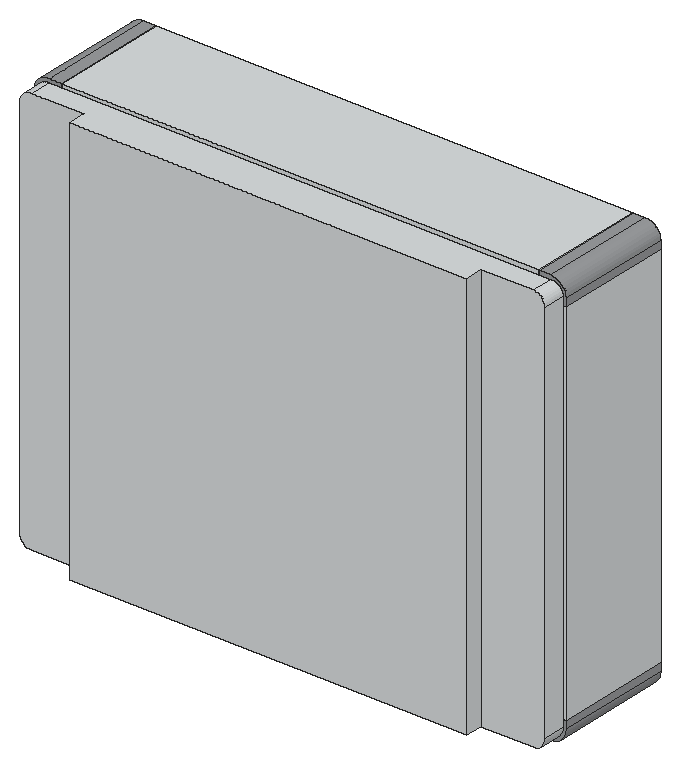
Revit family "Legrand Coffret XL³ 160 Isolant", category Equipement électrique, Revit 2020
Family settings
  Configuration du panneau = Deux colonnes, circuits au sein
  Cote de connecteur circulaire = Utiliser le diamètre
  Type d'élément = Tableau de raccordement
  Numéro OmniClass = 23.80.30.11.17
  Titre OmniClass = Distribution Boards and Control Panels
  Basée sur le plan de construction = Non
  Toujours verticalement = Oui
  Couper avec des vides une fois chargée = Non
  Partagée = Non
  Point de calcul de pièce = Non
Parameters (values of type "401802-020252")
  built-in parameter 1140140 [instance] = 1 (stored number, unit not read)
  profondeur zone d'installation = 720 mm
  Matière coin = "Plastique"  # constant formula
  Matière = "Acier"  # constant formula
  Largeur zone d'installation = 1245 mm
  Hauteur zone d'installation = [Hauteur (mm)]  # 450 mm
  zone d'installation [instance] = yes
  URL = "https://www.legrand.fr/"
  profondeur (mm) = 170 mm
  Modèle = "XL³ 160 Isolant"
  Largeur (mm) = 575 mm
  IPK (kA) = "20"
  IN max (A) = "160"
  ICW (jusqu'à) (kA) = "NA"
  IP sans porte = "30"
  IP avec porte = "43"
  IK sans porte = "4"
  IK avec porte = "7"
  Hauteur (mm) = 450 mm
  Finition = "Peinture époxipolyester déposée par poudrage électrostatique"
  Conditions Générale d'Utilisation = "https://export.legrand.com/CGU-objets-BIM"
  Fabricant = "Legrand"  # constant formula
  RAL = "7035"
  Elévation par défaut = 0 mm
  built-in parameter 1140142 [instance] = -1
  built-in parameter 1155100 [instance] = -1
Types (6, lengths in mm): name | Hauteur zone d'installation | Hauteur (mm)
  (no name) | 1050 | 1050
  401803-020253 | 600 | 600
  401802-020252 | 450 | 450
  401804-020254 | 750 | 750
  401805-020255 | 900 | 900
  401806-020256 | 1050 | 1050
Reference planes
  plane 1 "Centre (avant/arrière)": y = 0
  plane 2: z = 0
  plane 3 "Centre (gauche/droite)": x = 0
  plane 4: y = 85
  plane 5: y = -85
  plane 6: x = -287.5
  plane 7: x = 287.5
  plane 8: z = 450
  plane 9: z = 225
  plane 10: x = -257.5
  plane 11: z = 425
  plane 12: z = 433.5
  plane 13: x = -271
  plane 14: z = 445
  plane 15: z = 5
  plane 16: x = 282.5
  plane 17: x = -282.5
  plane 18: y = 84
  plane 19: y = -42
  plane 20: z = 446
  plane 21: x = 283.5
  plane 22: z = 4
  plane 23: x = -283.5
  plane 24: x = 272.5
  plane 25: x = -262.5
  plane 26: y = -66
Forms (mm)
  Extrusion 1, solid, material "IDS_PLASTIQUE"
    sketch origin (0, 0, 0) x (1, 0, 0) y (0, 0, 1)
      loop
        line (-287.5, 425) -> (-257.5, 425) -> (-257.5, 450) -> (-271, 450)
        arc (-271, 450) -> (-282.667, 445.167) -> (-287.5, 433.5) r 16.5
        line (-287.5, 433.5) -> (-287.5, 425)
      loop
        line (287.5, 425) -> (287.5, 433.5)
        arc (287.5, 433.5) -> (282.667, 445.167) -> (271, 450) r 16.5
        line (271, 450) -> (257.5, 450) -> (257.5, 425) -> (287.5, 425)
      loop
        line (-287.5, 25) -> (-287.5, 16.5)
        arc (-287.5, 16.5) -> (-282.667, 4.833) -> (-271, 0) r 16.5
        line (-271, 0) -> (-257.5, 0) -> (-257.5, 25) -> (-287.5, 25)
      loop
        line (287.5, 25) -> (257.5, 25) -> (257.5, 0) -> (271, 0)
        arc (271, 0) -> (282.667, 4.833) -> (287.5, 16.5) r 16.5
        line (287.5, 16.5) -> (287.5, 25)
    from -85 to 42
  Extrusion 2, solid, material "IDS_ACIER"
    sketch origin (0, 0, 0) x (1, 0, 0) y (0, 0, 1)
      loop
        line (-257.5, 450) -> (-257.5, 425) -> (257.5, 425) -> (257.5, 450) -> (-257.5, 450)
      loop
        line (-257.5, 0) -> (257.5, 0) -> (257.5, 25) -> (-257.5, 25) -> (-257.5, 0)
    from -85 to 42
  Extrusion 3, solid, material "IDS_ACIER"
    sketch origin (0, 0, 0) x (1, 0, 0) y (0, 0, 1)
      loop
        line (-287.5, 425) -> (-287.5, 25) -> (-257.5, 25) -> (-257.5, 425) -> (-287.5, 425)
      loop
        line (287.5, 425) -> (257.5, 425) -> (257.5, 25) -> (287.5, 25) -> (287.5, 425)
    from -85 to 42
  Extrusion 4, solid, material "IDS_ACIER"
    sketch origin (0, 0, 0) x (1, 0, 0) y (0, 0, 1)
      loop
        line (-282.5, 445) -> (-282.5, 5) -> (282.5, 5) -> (282.5, 445) -> (-282.5, 445)
    from -85 to -84
  Extrusion 5, solid, material "IDS_ACIER"
    sketch origin (0, 0, 0) x (1, 0, 0) y (0, 0, 1)
      loop
        line (-283.5, 433.5) -> (-283.5, 16.5)
        arc (-283.5, 16.5) -> (-279.839, 7.661) -> (-271, 4) r 12.5
        line (-271, 4) -> (271, 4)
        arc (271, 4) -> (279.839, 7.661) -> (283.5, 16.5) r 12.5
        line (283.5, 16.5) -> (283.5, 433.5)
        arc (283.5, 433.5) -> (279.839, 442.339) -> (271, 446) r 12.5
        line (271, 446) -> (-271, 446)
        arc (-271, 446) -> (-279.839, 442.339) -> (-283.5, 433.5) r 12.5
    from 42 to 66
  Extrusion 6, solid, material "IDS_ACIER"
    sketch origin (0, 0, 0) x (1, 0, 0) y (0, 1, 0)
      loop
        line (-214.5, -66) -> (-214.5, -85) -> (214.5, -85) -> (214.5, -66) -> (-214.5, -66)
    from 4 to 446
Cuts and joins
  joined: Extrusion 2, Extrusion 3, Extrusion 4
  joined: Extrusion 5, Extrusion 6
Dimensions and locks
  equal spacing: plane 6, plane 3 "Centre (gauche/droite)", plane 7
  equal spacing: plane 4, plane 1 "Centre (avant/arrière)", plane 5
  "Largeur (mm)": plane 6 to plane 7
  "profondeur (mm)": plane 4 to plane 5
  "Hauteur (mm)": plane 8 to plane 2
  equal spacing: plane 8, plane 9, plane 2
  locked: plane 10 to plane 6 at 30
  locked: plane 8 to plane 11 at 25
  locked: plane 13 to plane 6 at 16.5
  locked: plane 8 to plane 12 at 16.5
  locked: plane 8 to plane 14 at 5
  locked: plane 15 to plane 2 at 5
  locked: plane 17 to plane 6 at 5
  locked: plane 7 to plane 16 at 5
  locked: plane 18 to plane 4 at 1
  locked: plane 5 to plane 19 at 43
  locked: plane 7 to plane 21 at 4
  locked: plane 22 to plane 2 at 4
  equal spacing: plane 20, plane 9, plane 22
  equal spacing: plane 21, plane 3 "Centre (gauche/droite)", plane 23
  locked: plane 7 to plane 24 at 15
  locked: plane 25 to plane 6 at 25
  locked: plane 26 to plane 5 at 19
  Extrusion 6 sketch curve to Extrusion 6 sketch curve = 429 mm
  locked: plane 6 to Extrusion 6 sketch curve at 73
  aligned and locked: level to plane 2
  aligned and locked: plane 11 to Extrusion 1 sketch curve
  aligned and locked: Extrusion 1 sketch curve to plane 10
  aligned and locked: plane 6 to Extrusion 1 sketch curve
  aligned and locked: plane 4 to Extrusion 1
  aligned and locked: Extrusion 2 sketch curve to plane 8
  aligned and locked: Extrusion 2 sketch curve to Extrusion 1  (x3)
  aligned and locked: plane 4 to Extrusion 2
  aligned and locked: plane 6 to Extrusion 3 sketch curve
  aligned and locked: Extrusion 3 sketch curve to Extrusion 1  (x3)
  aligned and locked: plane 4 to Extrusion 3
  aligned and locked: Extrusion 4 sketch curve to plane 14
  aligned and locked: plane 17 to Extrusion 4 sketch curve
  aligned and locked: plane 15 to Extrusion 4 sketch curve
  aligned and locked: Extrusion 4 sketch curve to plane 16
  aligned and locked: plane 4 to Extrusion 4
  aligned and locked: Extrusion 1 to plane 19
  aligned and locked: Extrusion 1 to Extrusion 3
  aligned and locked: Extrusion 2 to Extrusion 1
  aligned and locked: Extrusion 5 sketch curve to plane 20
  aligned and locked: plane 23 to Extrusion 5 sketch curve
  aligned and locked: plane 22 to Extrusion 5 sketch curve
  aligned and locked: Extrusion 5 sketch curve to plane 21
  aligned and locked: plane 19 to Extrusion 5
  aligned and locked: cut or joined group of Extrusion 2, Extrusion 3, Extrusion 4 to plane 18
  aligned and locked: Extrusion 5 to plane 26
  aligned and locked: Extrusion 6 sketch curve to plane 26
  aligned and locked: Extrusion 6 sketch curve to plane 5
  aligned and locked: cut or joined group of Extrusion 5, Extrusion 6 to cut or joined group of Extrusion 5, Extrusion 6  (x2)
Automatic sketch dimensions
  Extrusion 1 sketch curve to plane 6 = 0 mm
  Extrusion 1 sketch curve to plane 8 = 0 mm  (x2)
  Extrusion 1 sketch curve to plane 13 = 0 mm
  plane 13 to Extrusion 1 sketch curve = 0 mm
  Extrusion 1 sketch curve to plane 10 = 0 mm
  Extrusion 1 sketch curve to level = 0 mm  (x2)
  Extrusion 1 sketch curve to plane 11 = 0 mm
  Extrusion 1 sketch curve to plane 12 = 0 mm
  Extrusion 1 sketch curve to plane 7 = 0 mm  (x2)
  Extrusion 1 sketch curve to Extrusion 1 sketch curve = 13.5 mm  (x2)
  Extrusion 1 sketch curve to plane 7 = 30 mm
  Extrusion 1 sketch curve to Extrusion 1 sketch curve = 8.5 mm  (x2)
  Extrusion 2 sketch curve to level = 0 mm
  plane 6 to Extrusion 2 sketch curve = 30 mm
  Extrusion 2 sketch curve to plane 7 = 30 mm
  level to Extrusion 2 sketch curve = 25 mm
  Extrusion 3 sketch curve to plane 7 = 0 mm
  Extrusion 3 sketch curve to plane 7 = 30 mm
  level to Extrusion 3 sketch curve = 25 mm
  Extrusion 3 sketch curve to plane 8 = 25 mm
  plane 6 to Extrusion 5 sketch curve = 16.5 mm
  Extrusion 5 sketch curve to Extrusion 5 sketch curve = 12.5 mm
  Extrusion 5 sketch curve to plane 7 = 16.5 mm  (x2)
Connectors
  electrical at (0, 85, 225)
    settings: on cut or joined group of Extrusion 2, Extrusion 3, Extrusion 4, index 1, voltage 0 V, apparent load 0 VA, apparent load phase1 0 VA, apparent load phase2 0 VA, apparent load phase3 0 VA, power factor 1, load classification "Autre", number of poles 1, system type 31, power factor state 1, is connector primary yes, connector utility no, sub classification motor no, connector description ""
